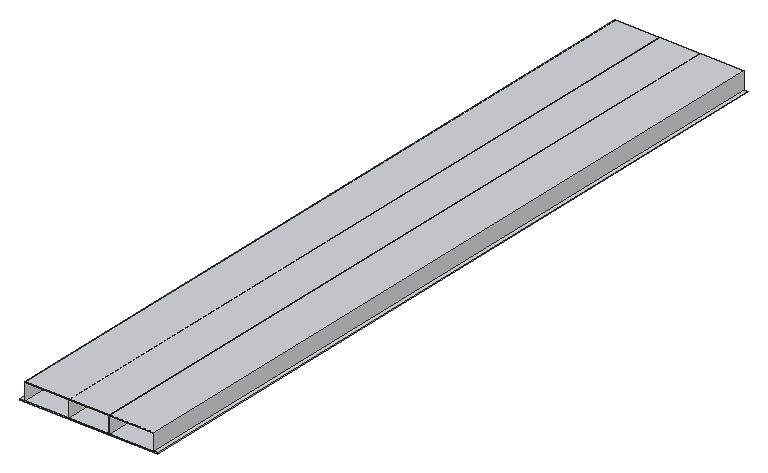
Revit family "Estrichüberdecktes Kanalsystem EÜK_Unterflur-Installationskanal_3-zügig", category Generic Models, Revit 2015
Parameters (values of type "S3 35048")
  Width = 350 mm
  URL = "http://www.obo-bettermann.com"
  Size "b" = 110 mm
  Size "a" = 120 mm
  Material = Steel, Galvanized
  Manufacturer Art. No. = "7400344"
  Manufacturer = "OBO Bettermann"
  Length [instance] = 2000 mm
  Height [instance] = 48 mm
  GTIN = "4012195089407"
  Article Type = "S3 35048"
Types (7, lengths in mm): name | Width | Size "b" | Size "a" | Manufacturer Art. No. | Height | GTIN | Article Type
  (no name) | 350 | 110 | 120 | "7400344" | 48 | "4012195089407" | "S3 35048"
  S3 25028 | 250 | 70 | 90 | "7400324" | 28 | "4012195089339" | "S3 25028"
  S3 35028 | 350 | 110 | 120 | "7400336" | 28 | "4012195089384" | "S3 35028"
  S3 25038 | 250 | 70 | 90 | "7400328" | 38 | "4012195089346" | "S3 25038"
  S3 25048 | 250 | 70 | 90 | "7400332" | 48 | "4012195089377" | "S3 25048"
  S3 35038 | 350 | 110 | 120 | "7400340" | 38 | "4012195089391" | "S3 35038"
  S3 35048 | 350 | 110 | 120 | "7400344" | 48 | "4012195089407" | "S3 35048"
Reference planes
  plane 1 "Center (Front/Back)": y = 0
  plane 2: z = 0
  plane 3 "Center (Left/Right)": x = 0
  plane 4: y = -2000
  plane 5: x = 120
  plane 6: x = -230
  plane 7: z = 48
  plane 8: z = 2
  plane 9: z = 1
  plane 10: x = -110
Forms (mm)
  Extrusion 1, solid
    sketch origin (0, 0, 0) x (1, 0, 0) y (0, 0, 1)
      loop
        line (-242, 0) -> (132, 0) -> (132, 2) -> (121, 2) -> (121, 48) -> (-231, 48) -> (-231, 2) -> (-242, 2) -> (-242, 0)
      loop
        line (-230, 1) -> (120, 1) -> (120, 47) -> (-230, 47) -> (-230, 1)
    from 0 to 2000
  Extrusion 2, solid
    sketch origin (0, 0, 0) x (1, 0, 0) y (0, 0, 1)
      loop
        line (-1, 1) -> (0, 1) -> (0, 47) -> (-1, 47) -> (-1, 1)
    from 0 to 2000
  Extrusion 3, solid
    sketch origin (0, 0, 0) x (1, 0, 0) y (0, 0, 1)
      loop
        line (-110, 47) -> (-111, 47) -> (-111, 1) -> (-110, 1) -> (-110, 47)
    from 0 to 2000
Lines and regions (mm)
  model lines
    curve 1: line (120, 0, 47) -> (120, 0, 1)
    curve 2: line (120, 0, 47) -> (-230, 0, 47)
    curve 3: line (-230, 0, 47) -> (-230, 0, 1)
    curve 4: line (121, 0, 48) -> (-231, 0, 48)
    curve 5: line (121, 0, 48) -> (121, 0, 2)
    curve 6: line (-231, 0, 48) -> (-231, 0, 2)
    curve 7: line (121, 0, 2) -> (132, 0, 2)
    curve 8: line (132, 0, 0) -> (-242, 0, 0)
    curve 9: line (-242, 0, 0) -> (-242, 0, 2)
    curve 10: line (-242, 0, 2) -> (-231, 0, 2)
    curve 11: line (132, 0, 2) -> (132, 0, 0)
    curve 12: line (-230, 0, 1) -> (120, 0, 1)
    curve 13: line (0, 0, 47) -> (0, 0, 1)
    curve 14: line (-1, 0, 1) -> (-1, 0, 47)
    curve 15: line (-1, 0, 47) -> (0, 0, 47)
    curve 16: line (-1, 0, 1) -> (0, 0, 1)
    curve 17: line (-110, 0, 47) -> (-110, 0, 1)
    curve 18: line (-110, 0, 1) -> (-111, 0, 1)
    curve 19: line (-111, 0, 1) -> (-111, 0, 47)
    curve 20: line (-111, 0, 47) -> (-110, 0, 47)
Dimensions and locks
  "Length": plane 1 "Center (Front/Back)" to plane 4
  "Width": plane 6 to plane 5
  "Size "a"": plane 3 "Center (Left/Right)" to plane 5
  "Height": level to plane 7
  locked: curve 2 to plane 7 at 1
  curve 5 to curve 1 = 1 mm
  locked: level to plane 8 at 2
  locked: curve 3 to curve 6 at 1
  locked: level to plane 9 at 1
  locked: curve 11 to curve 5 at 11
  locked: curve 9 to curve 6 at 11
  locked: curve 14 to curve 13 at 1
  "Size "b"": plane 10 to plane 3 "Center (Left/Right)"
  locked: curve 19 to curve 17 at 1
  aligned and locked: level to plane 2
  aligned and locked: plane 5 to curve 1
  aligned and locked: plane 6 to curve 3
  aligned and locked: plane 7 to curve 4
  aligned and locked: curve 10 to plane 8
  aligned and locked: curve 7 to plane 8
  aligned and locked: level to curve 8
  aligned and locked: curve 12 to plane 9
  aligned and locked: Extrusion 1 sketch curve to curve 9
  aligned and locked: Extrusion 1 sketch curve to curve 10
  aligned and locked: Extrusion 1 sketch curve to curve 6
  aligned and locked: Extrusion 1 sketch curve to curve 4
  aligned and locked: Extrusion 1 sketch curve to curve 5
  aligned and locked: Extrusion 1 sketch curve to curve 7
  aligned and locked: Extrusion 1 sketch curve to curve 11
  aligned and locked: Extrusion 1 sketch curve to curve 8
  aligned and locked: Extrusion 1 sketch curve to curve 3
  aligned and locked: Extrusion 1 sketch curve to curve 2
  aligned and locked: Extrusion 1 sketch curve to curve 1
  aligned and locked: Extrusion 1 sketch curve to curve 12
  aligned and locked: Extrusion 1 to plane 4
  aligned and locked: curve 13 to plane 3 "Center (Left/Right)"
  aligned and locked: curve 15 to curve 2
  aligned and locked: curve 12 to curve 16
  aligned and locked: Extrusion 2 sketch curve to curve 14
  aligned and locked: Extrusion 2 sketch curve to curve 15
  aligned and locked: Extrusion 2 sketch curve to curve 13
  aligned and locked: Extrusion 2 sketch curve to curve 16
  aligned and locked: Extrusion 2 to plane 4
  aligned and locked: plane 9 to curve 18
  aligned and locked: curve 20 to curve 2
  aligned and locked: plane 10 to curve 17
  aligned and locked: Extrusion 3 sketch curve to curve 17
  aligned and locked: Extrusion 3 sketch curve to curve 18
  aligned and locked: Extrusion 3 sketch curve to curve 19
  aligned and locked: Extrusion 3 sketch curve to curve 20
  aligned and locked: Extrusion 3 to plane 4
